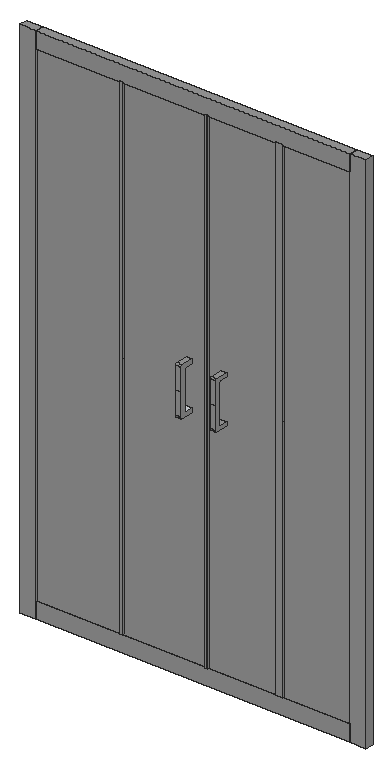
Revit family "MAMPARA CORREDERA CENTRAL STYLE 1400X1980", category Generic Models, Revit 2019
Family settings
  Can host rebar = No
  Round Connector Dimension = Use Diameter
  Part Type = Normal
  Work Plane-Based = No
  Always vertical = Yes
  Cut with Voids When Loaded = No
  Shared = No
  Room Calculation Point = No
Reference planes
  plane 1 "Center (Front/Back)": y = 0
  plane 2: z = 0
  plane 3 "Center (Left/Right)": x = 0
Forms (mm)
  Extrusion 1, solid
    sketch origin (0, 0, 0) x (1, 0, 0) y (0, 0, 1)
      loop
        line (0, 0) -> (60, 0) -> (60, 1980) -> (0, 1980) -> (0, 0)
      loop
        line (1300, 1980) -> (1240, 1980) -> (1240, 0) -> (1300, 0) -> (1300, 1980)
    from 0 to 30
  Extrusion 2, solid
    sketch origin (0, 0, 0) x (1, 0, 0) y (0, 0, 1)
      loop
        line (60, 1980) -> (60, 1920) -> (1240, 1920) -> (1240, 1980) -> (60, 1980)
      loop
        line (60, 0) -> (1240, 0) -> (1240, 60) -> (60, 60) -> (60, 0)
    from 0 to 30
  Extrusion 3, solid
    sketch origin (0, 0, 0) x (1, 0, 0) y (0, 0, 1)
      loop
        line (700, 60) -> (700, 1920) -> (695, 1920) -> (695, 60) -> (700, 60)
      loop
        line (960.03, 60) -> (986.519, 60) -> (986.519, 990) -> (986.519, 1920) -> (960.03, 1920) -> (960.03, 990) -> (960.03, 60)
      loop
        line (375, 990) -> (375, 60) -> (385, 60) -> (385, 990) -> (385, 1920) -> (375, 1920) -> (375, 990)
    from 0 to 30
  Extrusion 4, solid
    sketch origin (0, 0, 0) x (1, 0, 0) y (0, 0, 1)
      loop
        line (700, 1920) -> (700, 60) -> (705, 60) -> (705, 1920) -> (700, 1920)
    from 0 to 30
  Extrusion 5, solid
    sketch origin (0, 0, 0) x (1, 0, 0) y (0, 0, 1)
      loop
        line (60, 1920) -> (60, 60) -> (1240, 60) -> (1240, 1920) -> (60, 1920)
    from 4.16 to 26.263
  Extrusion 6, solid
    sketch origin (0, 0, 0) x (0, 1, 0) y (0, 0, 1)
      loop
        line (-65, 990) -> (-65, 1060)
        arc (-65, 1060) -> (-63.536, 1063.536) -> (-60, 1065) r 5
        line (-60, 1065) -> (-30, 1065) -> (-30, 1080) -> (-75, 1080)
        arc (-75, 1080) -> (-78.536, 1078.536) -> (-80, 1075) r 5
        line (-80, 1075) -> (-80, 990) -> (-80, 905)
        arc (-80, 905) -> (-78.536, 901.464) -> (-75, 900) r 5
        line (-75, 900) -> (-30, 900) -> (-30, 915) -> (-60, 915)
        arc (-60, 915) -> (-63.536, 916.464) -> (-65, 920) r 5
        line (-65, 920) -> (-65, 990)
    from 625 to 645
  Extrusion 7, solid
    sketch origin (0, 0, 0) x (0, 1, 0) y (0, 0, 1)
      loop
        line (-65, 990) -> (-65, 1060)
        arc (-65, 1060) -> (-63.536, 1063.536) -> (-60, 1065) r 5
        line (-60, 1065) -> (-30, 1065) -> (-30, 1080) -> (-75, 1080)
        arc (-75, 1080) -> (-78.536, 1078.536) -> (-80, 1075) r 5
        line (-80, 1075) -> (-80, 990) -> (-80, 905)
        arc (-80, 905) -> (-78.536, 901.464) -> (-75, 900) r 5
        line (-75, 900) -> (-30, 900) -> (-30, 915) -> (-60, 915)
        arc (-60, 915) -> (-63.536, 916.464) -> (-65, 920) r 5
        line (-65, 920) -> (-65, 990)
    from 755 to 775
Dimensions and locks
  aligned and locked: level to plane 2
